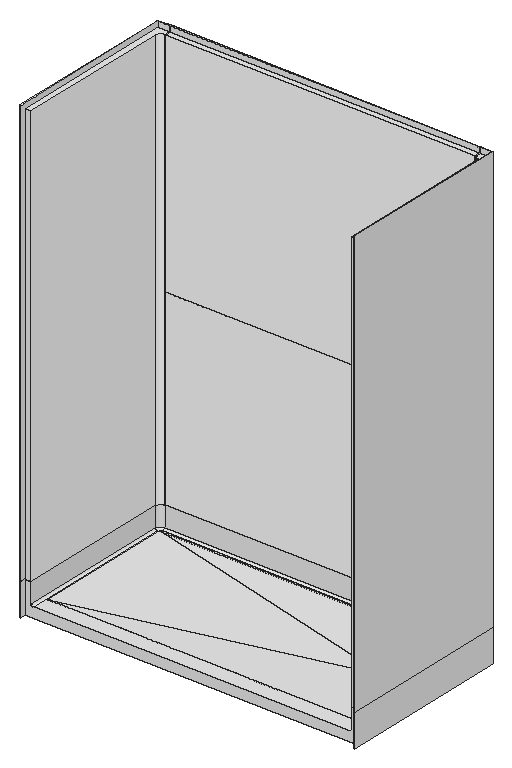
Revit family "5LRS6030FB17T,FB2T", category Plumbing Fixtures, Revit 2014
Parameters (values of type "5LRS6030FB17T")
  Unit Width = 5' - 0"
  Unit Height = 6' - 10 1/4"
  URL = "http://www.best-bath.com/"
  Type Comments = "Barrier Free"
  Threshold Height = 0' - 1 3/4"
  Model = "5LRS6030FB17T"
  Material [instance] = Best Bath Gelcoat Fiberglass - RealTile
  Manufacturer = "Best Bath Systems, Inc."
  Keynote = "22 40 00.B3"
  Description = "RealTile, Traditional Bull Nose Threshold"
  Assembly Code = "D2010710"
Types (3): name | Unit Height | Threshold Height | Model | Description
  (no name) | 6' - 10 1/4" | 0' - 1 3/4" | "5LRS6030FB17T" | "RealTile, Traditional Bull Nose Threshold"
  5LRS6030FB17T | 6' - 10 1/4" | 0' - 1 3/4" | "5LRS6030FB17T" | "RealTile, Traditional Bull Nose Threshold"
  5LRS6030FB2T | 6' - 10 1/2" | 0' - 2" | "5LRS6030FB2T" | "RealTile, Traditionals Bull Nose Threshold"
Reference planes (in)
  plane 1: z = 0
  plane 2 "Left": x = 0
  plane 3: z = 81.25
  plane 4: z = 82.25
  plane 5: y = 6.36165
  plane 6: y = 36.36165
  plane 7: x = 60
  plane 8: y = 35.11165
  plane 9: y = 22.36165
  plane 10: x = 51.5
  plane 11: z = 1.375
  plane 12: z = 1.75
  plane 13: z = 40
  plane 14: z = 5.75
  plane 15: y = 5.36165
Forms (in)
  Extrusion 1, solid, material "Best Bath Gelcoat Fiberglass - Smooth"
    sketch origin (0, 0, 0) x (1, 0, 0) y (0, 1, 0)
      loop
        line (0, 6.36165) -> (60, 6.36165) -> (60, 36.36165) -> (0, 36.36165) -> (0, 6.36165)
      loop
        circle (51.5, 22.36165) r 2.125
    from 0 to 1.75
  Extrusion 2, solid, material "Best Bath Gelcoat Fiberglass - Smooth"
    sketch origin (0, 0, 0) x (1, 0, 0) y (0, 1, 0)
      loop
        line (2.25, 36.36165) -> (2.25, 35.11165) -> (57.75, 35.11165) -> (57.75, 36.36165) -> (2.25, 36.36165)
    from 5.75 to 40
  Blend 3, void
    base sketch origin (0, 0, 0) x (1, 0, 0) y (0, 1, 0)
      loop
        line (1.875, 9.36165) -> (58.125, 9.36165) -> (58.125, 34.48665) -> (1.875, 34.48665) -> (1.875, 9.36165)
    top sketch origin (0, 0, 0) x (1, 0, 0) y (0, 1, 0)
      loop
        circle (51.5, 22.36165) r 0.07952
    from 1.75 to 1.375
  Extrusion 4, solid, material "Best Bath Gelcoat Fiberglass - Smooth"
    sketch origin (0, 0, 0) x (1, 0, 0) y (0, 1, 0)
      loop
        line (2.25, 36.36165) -> (2.25, 35.11165) -> (57.75, 35.11165) -> (57.75, 36.36165) -> (2.25, 36.36165)
    from 40 to 81.25
  Extrusion 5, solid, material "Best Bath Gelcoat Fiberglass - Smooth"
    sketch origin (0.25, 0, 0) x (1, 0, 0) y (0, 1, 0)
      loop
        line (-0.25, 6.36165) -> (1, 6.36165) -> (1, 34.11165)
        arc (1, 34.11165) -> (1.29289, 34.81875) -> (2, 35.11165) r 1
        line (2, 35.11165) -> (2, 36.36165) -> (-0.25, 36.36165) -> (-0.25, 6.36165)
      loop
        line (59.75, 6.36165) -> (59.75, 36.36165) -> (57.5, 36.36165) -> (57.5, 35.11165)
        arc (57.5, 35.11165) -> (58.20711, 34.81875) -> (58.5, 34.11165) r 1
        line (58.5, 34.11165) -> (58.5, 6.36165) -> (59.75, 6.36165)
    from 5.75 to 81.25
  Extrusion 6, solid, material "Best Bath Gelcoat Fiberglass - Smooth"
    sketch origin (0, 0, 0) x (1, 0, 0) y (0, 1, 0)
      loop
        line (0, 36.36165) -> (0, 6.36165) -> (1.25, 6.36165) -> (1.25, 34.11165)
        arc (1.25, 34.11165) -> (1.54289, 34.81875) -> (2.25, 35.11165) r 1
        line (2.25, 35.11165) -> (57.75, 35.11165)
        arc (57.75, 35.11165) -> (58.45711, 34.81875) -> (58.75, 34.11165) r 1
        line (58.75, 34.11165) -> (58.75, 6.36165) -> (60, 6.36165) -> (60, 35.11165) -> (60, 36.36165) -> (0, 36.36165)
    from 0 to 5.75
  Sweep 7, solid, material "Best Bath Gelcoat Fiberglass - Smooth"
    path origin (0, 0, 0) x (1, 0, 0) y (0, 1, 0)
      loop
        line (1.25, 6.36165) -> (1.25, 34.11165)
        arc (1.25, 34.11165) -> (1.54289, 34.81875) -> (2.25, 35.11165) r 1
        line (2.25, 35.11165) -> (57.75, 35.11165)
        arc (57.75, 35.11165) -> (58.45711, 34.81875) -> (58.75, 34.11165) r 1
        line (58.75, 34.11165) -> (58.75, 6.36165)
    profile origin (1.25, 20.23665, 0) x (-1, 0, 0) y (0, 0, 1)
      loop
        line (0, 1.75) -> (0, 2.125)
        arc (0, 2.125) -> (-0.10983, 1.85983) -> (-0.375, 1.75) r 0.375
        line (-0.375, 1.75) -> (0, 1.75)
  Extrusion 8, solid, material "Best Bath Gelcoat Fiberglass - Smooth"
    sketch origin (0, 0, 0) x (1, 0, 0) y (0, 1, 0)
      loop
        line (0, 5.36165) -> (0.125, 5.36165) -> (0.125, 6.36165) -> (0, 6.36165) -> (0, 5.36165)
      loop
        line (60, 5.36165) -> (60, 6.36165) -> (59.875, 6.36165) -> (59.875, 5.36165) -> (60, 5.36165)
    from 0 to 5.75
  Extrusion 9, solid, material "Best Bath Gelcoat Fiberglass - Smooth"
    sketch origin (0, 0, 0) x (1, 0, 0) y (0, 1, 0)
      loop
        line (2.25, 36.36165) -> (2.25, 36.23665) -> (57.75, 36.23665) -> (57.75, 36.36165) -> (2.25, 36.36165)
    from 81.25 to 82.25
  Extrusion 10, solid, material "Best Bath Gelcoat Fiberglass - Smooth"
    sketch origin (0, 0, 0) x (1, 0, 0) y (0, 1, 0)
      loop
        line (0.125, 5.36165) -> (0.125, 36.23665) -> (2.25, 36.23665) -> (2.25, 36.36165) -> (0, 36.36165) -> (0, 5.36165) -> (0.125, 5.36165)
      loop
        line (59.875, 5.36165) -> (60, 5.36165) -> (60, 36.36165) -> (57.75, 36.36165) -> (57.75, 36.23665) -> (59.875, 36.23665) -> (59.875, 5.36165)
    from 5.75 to 82.25
Cuts and joins
  Blend 3 cuts Extrusion 1
  joined: Extrusion 1, Extrusion 6, Sweep 7, Extrusion 8
  joined: Extrusion 4, Extrusion 9
  joined: Extrusion 5, Extrusion 10
Dimensions and locks (in)
  locked: plane 4 to plane 3 at 1
  "Unit Height": plane 4 to level
  plane 2 "Left" to plane 10 to plane 7 = 4' - 3 1/2", 0' - 8 1/2" locked
  "Unit Width": plane 2 "Left" to plane 7
  locked: plane 6 to plane 8 at 1.25
  plane 6 to plane 9 = 1' - 2"
  "Threshold Height": plane 12 to level
  locked: plane 12 to plane 11 at 0.375
  locked: plane 13 to plane 14 at 34.25
  locked: plane 14 to plane 12 at 4
  locked: plane 5 to plane 15 at 1
  locked: plane 6 to plane 15 at 31
  aligned and locked: level to plane 1
  aligned and locked: Extrusion 1 sketch curve to plane 5
  aligned and locked: Extrusion 1 sketch curve to plane 2 "Left"
  aligned and locked: plane 6 to Extrusion 1 sketch curve
  aligned and locked: Extrusion 1 sketch curve to plane 7
  aligned and locked: plane 10 to Extrusion 1 sketch curve
  aligned and locked: plane 9 to Extrusion 1 sketch curve
  aligned and locked: plane 12 to Extrusion 1
  aligned and locked: plane 9 to Blend 3 sketch curve
  aligned and locked: plane 10 to Blend 3 sketch curve
  aligned and locked: Extrusion 1 to Blend 3
  aligned and locked: Blend 3 to plane 11
  aligned and locked: plane 13 to Extrusion 2
  aligned and locked: Extrusion 4 to Extrusion 2
  aligned and locked: plane 3 to Extrusion 4
  aligned and locked: plane 3 to Extrusion 5
  aligned and locked: plane 14 to Extrusion 6
  aligned and locked: Extrusion 5 to plane 14
  aligned and locked: Extrusion 2 to plane 14
  aligned and locked: Sweep 7 sketch curve to plane 12
  aligned and locked: Extrusion 8 to Extrusion 2
  aligned and locked: Extrusion 9 to plane 3
  aligned and locked: plane 4 to Extrusion 9
  aligned and locked: Extrusion 10 to Extrusion 2
  aligned and locked: plane 4 to Extrusion 10
Automatic sketch dimensions
  Extrusion 6 sketch curve to plane 2 "Left" = 0' - 0"
  Extrusion 6 sketch curve to plane 5 = 0' - 0"  (x2)
  Extrusion 6 sketch curve to plane 8 = 0' - 0"  (x2)
  Extrusion 6 sketch curve to plane 7 = 0' - 0"
  Extrusion 6 sketch curve to plane 6 = 0' - 0"
  Extrusion 6 sketch curve to Extrusion 6 sketch curve = 0' - 1 1/4"  (x2)
  Extrusion 6 sketch curve to Extrusion 6 sketch curve = 0' - 1"
  Extrusion 6 sketch curve to plane 8 = 0' - 1"
  Extrusion 5 sketch curve to plane 2 "Left" = 0' - 0"
  Extrusion 5 sketch curve to plane 5 = 0' - 0"  (x2)
  Extrusion 5 sketch curve to plane 6 = 0' - 0"  (x2)
  Extrusion 5 sketch curve to plane 8 = 0' - 0"  (x2)
  Extrusion 5 sketch curve to plane 7 = 0' - 0"
  Extrusion 5 sketch curve to Extrusion 5 sketch curve = 0' - 1 1/4"
  Extrusion 5 sketch curve to Extrusion 5 sketch curve = 0' - 1"
  plane 7 to Extrusion 5 sketch curve = 0' - 2 1/4"
  Extrusion 5 sketch curve to plane 8 = 0' - 1"
  Extrusion 2 sketch curve to plane 8 = 0' - 0"
  Extrusion 2 sketch curve to plane 6 = 0' - 0"
  plane 2 "Left" to Extrusion 2 sketch curve = 0' - 2 1/4"
  plane 7 to Extrusion 2 sketch curve = 0' - 2 1/4"
  Extrusion 4 sketch curve to plane 8 = 0' - 0"
  Extrusion 4 sketch curve to plane 6 = 0' - 0"
  plane 2 "Left" to Extrusion 4 sketch curve = 0' - 2 1/4"
  plane 7 to Extrusion 4 sketch curve = 0' - 2 1/4"
  Sweep 7 sketch curve to plane 5 = 0' - 0"  (x2)
  Sweep 7 sketch curve to plane 8 = 0' - 0"
  plane 2 "Left" to Sweep 7 sketch curve = 0' - 1 1/4"
  Sweep 7 sketch curve to Sweep 7 sketch curve = 0' - 1"
  Sweep 7 sketch curve to plane 8 = 0' - 1"
  plane 7 to Sweep 7 sketch curve = 0' - 2 1/4"
  Sweep 7 sketch curve to profile plane = 0' - 0"
  profile plane to Sweep 7 sketch curve = 0' - 0 3/8"
  Extrusion 8 sketch curve to plane 2 "Left" = 0' - 0"
  Extrusion 8 sketch curve to plane 5 = 0' - 0"  (x2)
  Extrusion 8 sketch curve to plane 15 = 0' - 0"  (x2)
  Extrusion 8 sketch curve to plane 7 = 0' - 0"
  plane 2 "Left" to Extrusion 8 sketch curve = 0' - 0 1/8"
  plane 7 to Extrusion 8 sketch curve = 0' - 0 1/8"
  Extrusion 9 sketch curve to plane 6 = 0' - 0"
  plane 2 "Left" to Extrusion 9 sketch curve = 0' - 2 1/4"
  plane 7 to Extrusion 9 sketch curve = 0' - 2 1/4"
  Extrusion 9 sketch curve to plane 6 = 0' - 0 1/8"
  Extrusion 10 sketch curve to plane 2 "Left" = 0' - 0"
  Extrusion 10 sketch curve to plane 15 = 0' - 0"  (x2)
  Extrusion 10 sketch curve to plane 6 = 0' - 0"  (x2)
  Extrusion 10 sketch curve to plane 7 = 0' - 0"
  plane 2 "Left" to Extrusion 10 sketch curve = 0' - 0 1/8"
  Extrusion 10 sketch curve to plane 6 = 0' - 0 1/8"  (x2)
  Extrusion 10 sketch curve to Extrusion 10 sketch curve = 0' - 2 1/8"
  plane 7 to Extrusion 10 sketch curve = 0' - 2 1/4"
  plane 7 to Extrusion 10 sketch curve = 0' - 0 1/8"
  Blend 3 sketch curve to plane 8 = 0' - 0 5/8"
  plane 2 "Left" to Blend 3 sketch curve = 0' - 1 7/8"
  plane 7 to Blend 3 sketch curve = 0' - 1 7/8"
  plane 5 to Blend 3 sketch curve = 0' - 3"
  radius of Extrusion 1 sketch curve = 0' - 2 1/8"
  radius of Blend 3 sketch curve = 0' - 0.07952"
